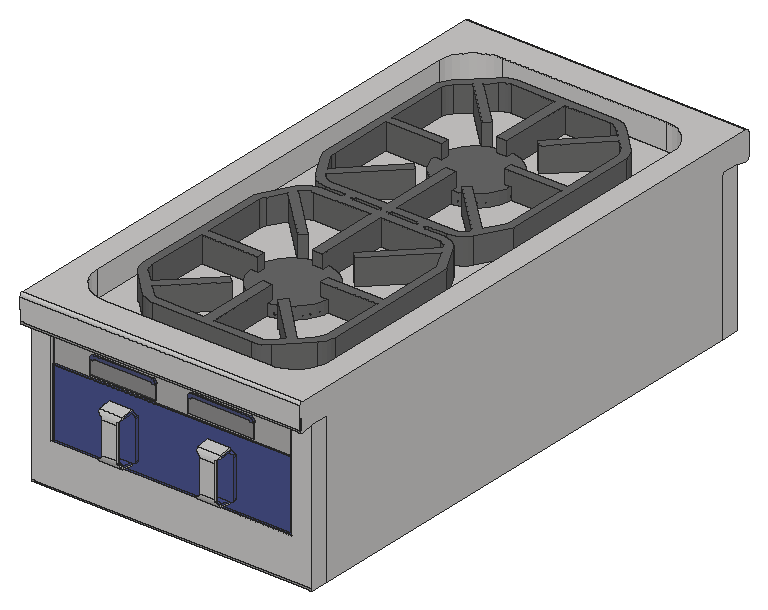
Revit family "QF_ELECTROLUXPROFESSIONAL_588036_MAGCAADOPO", category Specialty Equipment, Revit 2018
Family settings
  Round Connector Dimension = Use Diameter
  Part Type = Normal
  Work Plane-Based = No
  Always vertical = Yes
  Cut with Voids When Loaded = No
  Shared = No
  Room Calculation Point = No
Parameters
  Weight in Pounds = 81.571
  Watts = 0 W
  URL Cutsheet = ""
  Type Mark [instance] = ""
  Status [instance] = ""
  Specification by User [instance] = ""
  Specification by Manufacturer = ""
  Show Clearance [instance] = yes
  Serial Number = ""
  Seismic Rating = ""
  SMACNA No = ""
  Revision Code [instance] = ""
  Omniclass Number and Title = ""
  NAFEM Spec ID Number = ""
  Model = "588036"
  Mechanical Remarks [instance] = ""
  Mechanical Connection Type [instance] = ""
  Masterspec = ""
  Manufacturer = "ELECTROLUX"
  Item Number [instance] = ""
  Installed By [instance] = ""
  Identify Quantity as Lot [instance] = yes
  HP = "0 HP"
  Gas Size = 1/2"
  Gas RI Height [instance] = 0 mm
  Gas KW = 14
  Gas Input = 47726.0 Btu/h
  Gas Connection Height [instance] = 0 mm
  Furnished By [instance] = ""
  Foodservice Equipment Identifier [instance] = yes
  Direct Waste Size = 0"
  Description = "GAS TOP,2 BURNERS,1-SIDE,400X800X250H"
  CSI MasterFormat = ""
  CSI Master Format = ""
  Back Panel [instance] = yes
Reference planes
  plane 1 "BACK": y = 0
  plane 2: z = 0
  plane 3 "LEFT": x = 0
  plane 4 "RIGHT": x = 400
  plane 5 "FRONT": y = -800
  plane 6 "TOP": z = 250
  plane 7: x = 200
  plane 8: y = -400
  plane 9: z = 370
  plane 10: x = 365
  plane 11: y = -60.425
Forms (mm)
  Extrusion 1, solid, material "QF_Finishes_Stainless Steel"
    sketch origin (0, -487.128, 0) x (0, 1, 0) y (0, 0, 1)
      loop
        line (483.128, 250) -> (-308.872, 250)
        arc (-308.872, 250) -> (-311.7, 248.828) -> (-312.872, 246) r 4
        line (-312.872, 246) -> (-312.872, 214)
        arc (-312.872, 214) -> (-311.437, 210.931) -> (-308.161, 210.064) r 4
        line (-308.161, 210.064) -> (-292.872, 213) -> (-267.872, 213) -> (-267.872, 0) -> (441.714, 0) -> (441.714, 213) -> (465.765, 213) -> (482.433, 210.061)
        arc (482.433, 210.061) -> (485.699, 210.936) -> (487.128, 214) r 4
        line (487.128, 214) -> (487.128, 246)
        arc (487.128, 246) -> (485.956, 248.828) -> (483.128, 250) r 4
    from 0 to 400
  Extrusion 2, solid, material "QF_Finishes_Stainless Steel", visible <- "Back Panel"
    sketch origin (0, 0.586, 0) x (0, 1, 0) y (0, 0, 1)
      loop
        line (-46, 0) -> (-21, 0) -> (-21, 212.833) -> (-21.949, 213) -> (-46, 213) -> (-46, 0)
    from 0 to 400
  Extrusion 3, void
    sketch origin (653.786, 44.048, 250) x (1, 0, 0) y (0, -1, 0)
      loop
        line (-570.234, 89.462) -> (-335.321, 89.462)
        arc (-335.321, 89.462) -> (-300.694, 103.805) -> (-286.351, 138.432) r 48.97
        line (-286.351, 138.432) -> (-286.351, 750.078)
        arc (-286.351, 750.078) -> (-300.694, 784.705) -> (-335.321, 799.048) r 48.97
        line (-335.321, 799.048) -> (-570.234, 799.048)
        arc (-570.234, 799.048) -> (-605.59, 784.403) -> (-620.234, 749.048) r 50
        line (-620.234, 749.048) -> (-620.234, 139.462)
        arc (-620.234, 139.462) -> (-605.59, 104.107) -> (-570.234, 89.462) r 50
    from 0 to 37
  Extrusion 4, solid, material "QF_Finishes_Stainless Steel"
    sketch origin (10, -560, 0) x (1, 0, 0) y (0, -1, 0)
      loop
        circle (355, -70) r 6.35
    from 0 to 3.2
Cuts and joins
  Extrusion 3 cuts Extrusion 1
Lines and regions (mm)
  symbolic lines
    curve 1: line (0, 0, 0) -> (400, 0, 0)
    curve 2: line (0, -800, 0) -> (0, 0, 0)
    curve 3: line (400, -800, 0) -> (0, -800, 0)
    curve 4: line (400, 0, 0) -> (400, -800, 0)
    curve 5: arc (83.552, -755, 0) -> (48.197, -740.355, 0) -> (33.552, -705, 0) r 50
    curve 6: line (33.552, -705, 0) -> (33.552, -95.414, 0)
    curve 7: arc (33.552, -95.414, 0) -> (48.197, -60.059, 0) -> (83.552, -45.414, 0) r 50
    curve 8: line (83.552, -45.414, 0) -> (318.465, -45.414, 0)
    curve 9: arc (318.465, -45.414, 0) -> (353.092, -59.757, 0) -> (367.435, -94.384, 0) r 48.97
    curve 10: line (367.435, -94.384, 0) -> (367.435, -706.03, 0)
    curve 11: arc (367.435, -706.03, 0) -> (353.092, -740.657, 0) -> (318.465, -755, 0) r 48.97
    curve 12: line (318.465, -755, 0) -> (83.552, -755, 0)
Dimensions and locks
  plane 3 "LEFT" to plane 4 "RIGHT" = 400 mm
  plane 5 "FRONT" to plane 1 "BACK" = 800 mm
  equal spacing: plane 3 "LEFT", plane 7, plane 4 "RIGHT"
  equal spacing: plane 5 "FRONT", plane 8, plane 1 "BACK"
  plane 6 "TOP" to level = 250 mm  (x2)
  plane 1 "BACK" to plane 5 "FRONT" = 800 mm
  Extrusion 4 sketch curve to plane 1 "BACK" = 490 mm
  Extrusion 4 sketch curve to plane 4 "RIGHT" = 35 mm
  plane 1 "BACK" to Extrusion 4 = 490 mm
  locked: plane 10 to plane 4 "RIGHT" at 35
  aligned and locked: level to plane 2
  aligned and locked: Extrusion 1 to plane 4 "RIGHT"
Automatic sketch dimensions
  Extrusion 1 sketch curve to plane 5 "FRONT" = 0 mm
  Extrusion 1 sketch curve to plane 6 "TOP" = 0 mm
  Extrusion 1 sketch curve to level = 0 mm
  Extrusion 1 sketch curve to plane 1 "BACK" = 0 mm
  Extrusion 1 sketch curve to plane 6 "TOP" = 37 mm  (x2)
  Extrusion 1 sketch curve to plane 5 "FRONT" = 4 mm
  Extrusion 1 sketch curve to plane 5 "FRONT" = 20 mm
  Extrusion 1 sketch curve to plane 5 "FRONT" = 45 mm
  plane 1 "BACK" to Extrusion 1 sketch curve = 21.363 mm
  plane 1 "BACK" to Extrusion 1 sketch curve = 4 mm  (x2)
  Extrusion 1 sketch curve to Extrusion 1 sketch curve = 4 mm
  Extrusion 1 sketch curve to Extrusion 1 sketch curve = 0.711 mm
  plane 1 "BACK" to Extrusion 1 sketch curve = 4.695 mm
  Extrusion 1 sketch curve to Extrusion 1 sketch curve = 0 mm  (x2)
  Extrusion 1 sketch curve to Extrusion 1 sketch curve = 1 mm  (x2)
  plane 1 "BACK" to Extrusion 1 sketch curve = 45.414 mm
  plane 1 "BACK" to curve 1 = 0 mm
  curve 1 to plane 4 "RIGHT" = 0 mm
  curve 2 to plane 3 "LEFT" = 0 mm
  plane 5 "FRONT" to curve 2 = 0 mm
  Extrusion 3 sketch curve to Extrusion 3 sketch curve = 50 mm  (x2)
  Extrusion 1 to Extrusion 3 sketch curve = 81.535 mm  (x2)
  Extrusion 1 to Extrusion 3 sketch curve = 41 mm
  Extrusion 1 to Extrusion 3 sketch curve = 32.565 mm
  Extrusion 1 to Extrusion 3 sketch curve = 33.552 mm
  Extrusion 1 to Extrusion 3 sketch curve = 91.414 mm
  Extrusion 2 sketch curve to level = 0 mm
  plane 11 to Extrusion 2 sketch curve = 15.012 mm
  Extrusion 2 sketch curve to plane 6 "TOP" = 37.167 mm
  Extrusion 2 sketch curve to Extrusion 2 sketch curve = 0.949 mm
  plane 1 "BACK" to Extrusion 2 sketch curve = 20.414 mm
  Extrusion 2 sketch curve to plane 6 "TOP" = 37 mm
  curve 10 to plane 10 = 2.435 mm
  plane 11 to curve 8 = 15.012 mm
  plane 10 to curve 8 = 46.535 mm
  plane 3 "LEFT" to curve 8 = 83.552 mm
  plane 3 "LEFT" to curve 6 = 33.552 mm
  curve 6 to plane 5 "FRONT" = 95 mm
  plane 10 to curve 12 = 46.535 mm
  curve 10 to plane 5 "FRONT" = 93.97 mm
  radius of Extrusion 4 sketch curve = 6.35 mm
Nested families
  nested 1: "OBT_800_Open Burner" at (200, -400.207, -649.319), type "OBT_800_Open Burner"
  nested 2: "EG_800_500_Single Range Control Handle Front Panel 2a" at (202.376, -755, -650), type "EG_800_500_Single Range Control Handle Front Panel 2a"
Connectors
  piping at (365, -490, -3.2), diameter 12.8
    settings: on Extrusion 4, index 1, connector inside diameter 0.50394", connector length 0 mm, flow factor 0, pipe flow 0 GPM, pressure drop 0.00 psi, fitting loss kfactor 0, connector angle 0.00°, fixture units 0, engagement length 0 mm, angle of deflection 0.00°, flow configuration 1, flow direction 1, fitting loss method 0, system type 7, joint type 0, gender type 0, connector reference index -1, connector utility 0, adjustable connector no, is connector primary yes, connector description "GAS CONNECTION"
Definition of nested family "OBT_800_Open Burner"
  Reference planes
    plane 1 "Center (Front/Back)": y = 0
    plane 2: z = 0
    plane 3 "Center (Left/Right)": x = 0
    plane 4: x = -136.448
    plane 5: x = 137.435
    plane 6: y = 324.793
    plane 7: y = -324.793
  Forms (mm)
    Extrusion 1, solid
      sketch origin (2130.573, 56.896, -679.622) x (1, 0, 0) y (0, 1, 0)
        loop
          line (-2137.44, 256.49) -> (-2200.793, 256.49)
          arc (-2200.793, 256.49) -> (-2207.908, 255.075) -> (-2213.94, 251.044) r 18.593
          line (-2213.94, 251.044) -> (-2226.233, 238.751) -> (-2163.48, 175.998) -> (-2171.6, 167.877) -> (-2234.354, 230.631) -> (-2250.33, 214.654)
          arc (-2250.33, 214.654) -> (-2254.433, 208.337) -> (-2255.614, 200.897) r 18.125
          line (-2255.614, 200.897) -> (-2255.614, 113.422) -> (-2175.79, 113.422) -> (-2175.79, 101.938) -> (-2255.614, 101.938) -> (-2255.614, 10.897)
          arc (-2255.614, 10.897) -> (-2254.981, 6.085) -> (-2253.123, 1.601) r 18.593
          line (-2253.123, 1.601) -> (-2240.078, -20.994) -> (-2171.6, 47.483) -> (-2163.48, 39.363) -> (-2234.012, -31.169)
          arc (-2234.012, -31.169) -> (-2228.546, -38.527) -> (-2220.23, -42.379) r 18.593
          line (-2220.23, -42.379) -> (-2137.44, -42.379) -> (-2137.44, 62.464) -> (-2123.707, 62.464) -> (-2123.707, -42.379) -> (-2039.969, -42.379)
          arc (-2039.969, -42.379) -> (-2031.653, -38.527) -> (-2026.187, -31.169) r 18.593
          line (-2026.187, -31.169) -> (-2097.271, 39.915) -> (-2089.15, 48.035) -> (-2020.118, -20.997) -> (-2004.585, 5.916) -> (-2004.585, 101.938) -> (-2085.357, 101.938) -> (-2085.357, 113.422) -> (-2004.585, 113.422) -> (-2004.585, 197.888)
          arc (-2004.585, 197.888) -> (-2006.695, 208.496) -> (-2012.704, 217.489) r 27.72
          line (-2012.704, 217.489) -> (-2025.845, 230.631) -> (-2089.15, 167.325) -> (-2097.271, 175.446) -> (-2033.966, 238.751) -> (-2046.259, 251.044)
          arc (-2046.259, 251.044) -> (-2052.291, 255.075) -> (-2059.406, 256.49) r 18.593
          line (-2059.406, 256.49) -> (-2123.707, 256.49) -> (-2123.707, 152.897) -> (-2137.44, 152.897) -> (-2137.44, 256.49)
        loop
          arc (-2267.021, 10.897) -> (-2265.999, 3.132) -> (-2263.002, -4.103) r 30
          line (-2263.002, -4.103) -> (-2242.795, -39.103)
          arc (-2242.795, -39.103) -> (-2231.814, -50.084) -> (-2216.814, -54.103) r 30
          line (-2216.814, -54.103) -> (-2189.287, -54.103)
          arc (-2189.287, -54.103) -> (-2188.243, -56) -> (-2186.272, -56.896) r 3.438
          arc (-2186.272, -56.896) -> (-2188.243, -57.792) -> (-2189.287, -59.689) r 3.438
          line (-2189.287, -59.689) -> (-2216.814, -59.689)
          arc (-2216.814, -59.689) -> (-2231.814, -63.708) -> (-2242.795, -74.689) r 30
          line (-2242.795, -74.689) -> (-2263.002, -109.689)
          arc (-2263.002, -109.689) -> (-2265.999, -116.924) -> (-2267.021, -124.689) r 30
          line (-2267.021, -124.689) -> (-2267.021, -315.461)
          arc (-2267.021, -315.461) -> (-2264.738, -326.941) -> (-2258.234, -336.674) r 30
          line (-2258.234, -336.674) -> (-2221.975, -372.933)
          arc (-2221.975, -372.933) -> (-2212.253, -379.414) -> (-2200.793, -381.689) r 30
          line (-2200.793, -381.689) -> (-2059.406, -381.689)
          arc (-2059.406, -381.689) -> (-2047.942, -379.412) -> (-2038.218, -372.928) r 30
          line (-2038.218, -372.928) -> (-2001.964, -336.674)
          arc (-2001.964, -336.674) -> (-1995.461, -326.941) -> (-1993.138, -315.461) r 30
          line (-1993.138, -315.461) -> (-1993.138, -116.719) -> (-2017.404, -74.689)
          arc (-2017.404, -74.689) -> (-2028.385, -63.708) -> (-2043.385, -59.689) r 30
          line (-2043.385, -59.689) -> (-2070.476, -59.689)
          arc (-2070.476, -59.689) -> (-2072.136, -57.759) -> (-2074.531, -56.896) r 5
          arc (-2074.531, -56.896) -> (-2072.136, -56.033) -> (-2070.476, -54.103) r 5
          line (-2070.476, -54.103) -> (-2043.385, -54.103)
          arc (-2043.385, -54.103) -> (-2028.385, -50.084) -> (-2017.404, -39.103) r 30
          line (-2017.404, -39.103) -> (-1993.294, 2.656) -> (-1993.294, 204.314)
          arc (-1993.294, 204.314) -> (-1995.995, 214.361) -> (-2001.964, 222.882) r 30
          line (-2001.964, 222.882) -> (-2038.218, 259.136)
          arc (-2038.218, 259.136) -> (-2047.942, 265.62) -> (-2059.406, 267.897) r 30
          line (-2059.406, 267.897) -> (-2200.793, 267.897)
          arc (-2200.793, 267.897) -> (-2212.253, 265.622) -> (-2221.975, 259.141) r 30
          line (-2221.975, 259.141) -> (-2258.234, 222.882)
          arc (-2258.234, 222.882) -> (-2264.738, 213.149) -> (-2267.021, 201.669) r 30
          line (-2267.021, 201.669) -> (-2267.021, 10.897)
        loop
          arc (-2122.397, -54.103) -> (-2124.057, -56.033) -> (-2126.452, -56.896) r 5
          arc (-2126.452, -56.896) -> (-2124.057, -57.759) -> (-2122.397, -59.689) r 5
          line (-2122.397, -59.689) -> (-2085.985, -59.689)
          arc (-2085.985, -59.689) -> (-2084.941, -57.792) -> (-2082.97, -56.896) r 3.438
          arc (-2082.97, -56.896) -> (-2084.941, -56) -> (-2085.985, -54.103) r 3.438
          line (-2085.985, -54.103) -> (-2122.397, -54.103)
        loop
          arc (-2173.778, -54.103) -> (-2175.438, -56.033) -> (-2177.833, -56.896) r 5
          arc (-2177.833, -56.896) -> (-2175.438, -57.759) -> (-2173.778, -59.689) r 5
          line (-2173.778, -59.689) -> (-2137.906, -59.689)
          arc (-2137.906, -59.689) -> (-2136.862, -57.792) -> (-2134.891, -56.896) r 3.438
          arc (-2134.891, -56.896) -> (-2136.862, -56) -> (-2137.906, -54.103) r 3.438
          line (-2137.906, -54.103) -> (-2173.778, -54.103)
        loop
          line (-2137.44, -370.282) -> (-2137.44, -265.439) -> (-2123.707, -265.439) -> (-2123.707, -370.282) -> (-2059.406, -370.282)
          arc (-2059.406, -370.282) -> (-2052.291, -368.867) -> (-2046.259, -364.836) r 18.593
          line (-2046.259, -364.836) -> (-2033.341, -351.918) -> (-2097.271, -287.988) -> (-2089.15, -279.867) -> (-2025.22, -343.798) -> (-2012.704, -331.281)
          arc (-2012.704, -331.281) -> (-2006.695, -322.288) -> (-2004.585, -311.68) r 27.72
          line (-2004.585, -311.68) -> (-2004.585, -225.964) -> (-2085.357, -225.964) -> (-2085.357, -214.48) -> (-2004.585, -214.48) -> (-2004.585, -119.708) -> (-2020.576, -92.003) -> (-2089.15, -160.577) -> (-2097.271, -152.457) -> (-2026.57, -81.755)
          arc (-2026.57, -81.755) -> (-2032.024, -74.971) -> (-2039.969, -71.413) r 18.593
          line (-2039.969, -71.413) -> (-2123.707, -71.413) -> (-2123.707, -175.006) -> (-2137.44, -175.006) -> (-2137.44, -71.413) -> (-2220.23, -71.413)
          arc (-2220.23, -71.413) -> (-2228.175, -74.971) -> (-2233.629, -81.755) r 18.593
          line (-2233.629, -81.755) -> (-2163.48, -151.905) -> (-2171.6, -160.025) -> (-2239.62, -92.005) -> (-2253.123, -115.393)
          arc (-2253.123, -115.393) -> (-2254.981, -119.877) -> (-2255.614, -124.689) r 18.593
          line (-2255.614, -124.689) -> (-2255.614, -214.48) -> (-2175.79, -214.48) -> (-2175.79, -225.964) -> (-2255.614, -225.964) -> (-2255.614, -314.689)
          arc (-2255.614, -314.689) -> (-2254.433, -322.129) -> (-2250.33, -328.446) r 18.125
          line (-2250.33, -328.446) -> (-2234.979, -343.798) -> (-2171.6, -280.419) -> (-2163.48, -288.54) -> (-2226.858, -351.918) -> (-2213.94, -364.836)
          arc (-2213.94, -364.836) -> (-2207.908, -368.867) -> (-2200.793, -370.282) r 18.593
          line (-2200.793, -370.282) -> (-2137.44, -370.282)
      from 1542.072 to 1578.941
    Extrusion 2, solid
      sketch origin (2130.573, 86.122, 0) x (1, 0, 0) y (0, 1, 0)
        loop
          circle (-2130.573, -249.448) r 55
        loop
          circle (-2130.573, 78.455) r 55
      from 862.45 to 879.837
    Extrusion 3, void
      sketch origin (-124.371, -330.785, -22.784) x (-0.587785, -0.809017, 0) y (0, 0, 1)
        loop
          circle (-213.495, 891.283) r 1
      from -67.69 to -35.114
    Extrusion 4, void
      sketch origin (-89.903, -351.417, -22.784) x (-0.422618, -0.906308, 0) y (0, 0, 1)
        loop
          circle (-213.495, 891.283) r 1
      from -74.826 to -35.114
    Extrusion 5, void
      sketch origin (-52.131, -365.093, -22.784) x (-0.241922, -0.970296, 0) y (0, 0, 1)
        loop
          circle (-213.495, 891.283) r 1
      from -67.69 to -35.114
    Extrusion 6, void
      sketch origin (27.702, -369.842, -22.784) x (0.139173, -0.990268, 0) y (0, 0, 1)
        loop
          circle (-213.495, 891.283) r 1
      from -67.69 to -35.114
    Extrusion 7, void
      sketch origin (66.829, -360.74, -22.784) x (0.325568, -0.945519, 0) y (0, 0, 1)
        loop
          circle (-213.495, 891.283) r 1
      from -67.69 to -35.114
    Extrusion 8, void
      sketch origin (103.5, -344.339, -22.784) x (0.5, -0.866025, 0) y (0, 0, 1)
        loop
          circle (-213.495, 891.283) r 1
      from -67.69 to -35.114
    Extrusion 9, void
      sketch origin (136.368, -321.242, -22.784) x (0.656059, -0.75471, 0) y (0, 0, 1)
        loop
          circle (-213.495, 891.283) r 1
      from -67.69 to -35.114
    Extrusion 10, void
      sketch origin (164.225, -292.298, -22.784) x (0.788011, -0.615661, 0) y (0, 0, 1)
        loop
          circle (-213.495, 891.283) r 1
      from -67.69 to -35.114
    Extrusion 11, void
      sketch origin (186.048, -258.571, -22.784) x (0.891007, -0.45399, 0) y (0, 0, 1)
        loop
          circle (-213.495, 891.283) r 1
      from -67.69 to -35.114
    Extrusion 12, void
      sketch origin (201.034, -221.299, -22.784) x (0.961262, -0.275637, 0) y (0, 0, 1)
        loop
          circle (-213.495, 891.283) r 1
      from -67.69 to -35.114
    Extrusion 13, void
      sketch origin (208.566, -141.681, -22.784) x (0.994522, 0.104528, 0) y (0, 0, 1)
        loop
          circle (-213.495, 891.283) r 1
      from -67.69 to -35.114
    Extrusion 14, void
      sketch origin (200.835, -102.26, -22.784) x (0.956305, 0.292372, 0) y (0, 0, 1)
        loop
          circle (-213.495, 891.283) r 1
      from -67.69 to -35.114
    Extrusion 15, void
      sketch origin (185.724, -65.039, -22.784) x (0.882948, 0.469472, 0) y (0, 0, 1)
        loop
          circle (-213.495, 891.283) r 1
      from -67.69 to -35.114
    Extrusion 16, void
      sketch origin (163.788, -31.385, -22.784) x (0.777146, 0.62932, 0) y (0, 0, 1)
        loop
          circle (-213.495, 891.283) r 1
      from -67.69 to -35.114
    Extrusion 17, void
      sketch origin (135.834, -2.534, -22.784) x (0.642788, 0.766044, 0) y (0, 0, 1)
        loop
          circle (-213.495, 891.283) r 1
      from -67.69 to -35.114
    Extrusion 18, void
      sketch origin (102.889, 20.452, -22.784) x (0.48481, 0.87462, 0) y (0, 0, 1)
        loop
          circle (-213.495, 891.283) r 1
      from -67.69 to -35.114
    Extrusion 19, void
      sketch origin (66.163, 36.73, -22.784) x (0.309017, 0.951057, 0) y (0, 0, 1)
        loop
          circle (-213.495, 891.283) r 1
      from -67.69 to -35.114
    Extrusion 20, void
      sketch origin (-52.811, 40.685, -22.784) x (-0.258819, 0.965926, 0) y (0, 0, 1)
        loop
          circle (-213.495, 891.283) r 1
      from -67.69 to -35.114
    Extrusion 21, void
      sketch origin (-90.537, 26.882, -22.784) x (-0.438371, 0.898794, 0) y (0, 0, 1)
        loop
          circle (-213.495, 891.283) r 1
      from -67.69 to -35.114
    Extrusion 22, void
      sketch origin (-124.936, 6.135, -22.784) x (-0.601815, 0.798636, 0) y (0, 0, 1)
        loop
          circle (-213.495, 891.283) r 1
      from -67.69 to -35.114
    Extrusion 23, void
      sketch origin (-154.744, -20.796, -22.784) x (-0.743145, 0.669131, 0) y (0, 0, 1)
        loop
          circle (-213.495, 891.283) r 1
      from -67.69 to -35.114
    Extrusion 24, void
      sketch origin (-178.866, -52.919, -22.784) x (-0.857167, 0.515038, 0) y (0, 0, 1)
        loop
          circle (-213.495, 891.283) r 1
      from -67.69 to -35.114
    Extrusion 25, void
      sketch origin (-196.416, -89.054, -22.784) x (-0.939693, 0.34202, 0) y (0, 0, 1)
        loop
          circle (-213.495, 891.283) r 1
      from -67.69 to -35.114
    Extrusion 26, void
      sketch origin (-204.521, -207.817, -22.784) x (-0.97437, -0.224951, 0) y (0, 0, 1)
        loop
          circle (-213.495, 891.283) r 1
      from -67.69 to -35.114
    Extrusion 27, void
      sketch origin (-192.043, -246.002, -22.784) x (-0.913545, -0.406737, 0) y (0, 0, 1)
        loop
          circle (-213.495, 891.283) r 1
      from -67.69 to -35.114
    Extrusion 28, void
      sketch origin (-172.509, -281.104, -22.784) x (-0.819152, -0.573576, 0) y (0, 0, 1)
        loop
          circle (-213.495, 891.283) r 1
      from -67.69 to -35.114
    Extrusion 29, void
      sketch origin (-146.635, -311.834, -22.784) x (-0.694658, -0.71934, 0) y (0, 0, 1)
        loop
          circle (-213.495, 891.283) r 1
      from -67.69 to -35.114
    Extrusion 30, void
      sketch origin (-124.371, -2.882, -22.784) x (-0.587785, -0.809017, 0) y (0, 0, 1)
        loop
          circle (-213.495, 891.283) r 1
      from -67.69 to -35.114
    Extrusion 31, void
      sketch origin (-89.903, -23.515, -22.784) x (-0.422618, -0.906308, 0) y (0, 0, 1)
        loop
          circle (-213.495, 891.283) r 1
      from -74.826 to -35.114
    Extrusion 32, void
      sketch origin (-52.131, -37.191, -22.784) x (-0.241922, -0.970296, 0) y (0, 0, 1)
        loop
          circle (-213.495, 891.283) r 1
      from -67.69 to -35.114
    Extrusion 33, void
      sketch origin (27.702, -41.939, -22.784) x (0.139173, -0.990268, 0) y (0, 0, 1)
        loop
          circle (-213.495, 891.283) r 1
      from -67.69 to -35.114
    Extrusion 34, void
      sketch origin (66.829, -32.837, -22.784) x (0.325568, -0.945519, 0) y (0, 0, 1)
        loop
          circle (-213.495, 891.283) r 1
      from -67.69 to -35.114
    Extrusion 35, void
      sketch origin (103.5, -16.436, -22.784) x (0.5, -0.866025, 0) y (0, 0, 1)
        loop
          circle (-213.495, 891.283) r 1
      from -67.69 to -35.114
    Extrusion 36, void
      sketch origin (136.368, 6.66, -22.784) x (0.656059, -0.75471, 0) y (0, 0, 1)
        loop
          circle (-213.495, 891.283) r 1
      from -67.69 to -35.114
    Extrusion 37, void
      sketch origin (164.225, 35.604, -22.784) x (0.788011, -0.615661, 0) y (0, 0, 1)
        loop
          circle (-213.495, 891.283) r 1
      from -67.69 to -35.114
    Extrusion 38, void
      sketch origin (186.048, 69.332, -22.784) x (0.891007, -0.45399, 0) y (0, 0, 1)
        loop
          circle (-213.495, 891.283) r 1
      from -67.69 to -35.114
    Extrusion 39, void
      sketch origin (201.034, 106.603, -22.784) x (0.961262, -0.275637, 0) y (0, 0, 1)
        loop
          circle (-213.495, 891.283) r 1
      from -67.69 to -35.114
    Extrusion 40, void
      sketch origin (208.566, 186.222, -22.784) x (0.994522, 0.104528, 0) y (0, 0, 1)
        loop
          circle (-213.495, 891.283) r 1
      from -67.69 to -35.114
    Extrusion 41, void
      sketch origin (200.835, 225.642, -22.784) x (0.956305, 0.292372, 0) y (0, 0, 1)
        loop
          circle (-213.495, 891.283) r 1
      from -67.69 to -35.114
    Extrusion 42, void
      sketch origin (185.724, 262.864, -22.784) x (0.882948, 0.469472, 0) y (0, 0, 1)
        loop
          circle (-213.495, 891.283) r 1
      from -67.69 to -35.114
    Extrusion 43, void
      sketch origin (163.788, 296.518, -22.784) x (0.777146, 0.62932, 0) y (0, 0, 1)
        loop
          circle (-213.495, 891.283) r 1
      from -67.69 to -35.114
    Extrusion 44, void
      sketch origin (135.834, 325.368, -22.784) x (0.642788, 0.766044, 0) y (0, 0, 1)
        loop
          circle (-213.495, 891.283) r 1
      from -67.69 to -35.114
    Extrusion 45, void
      sketch origin (102.889, 348.355, -22.784) x (0.48481, 0.87462, 0) y (0, 0, 1)
        loop
          circle (-213.495, 891.283) r 1
      from -67.69 to -35.114
    Extrusion 46, void
      sketch origin (66.163, 364.633, -22.784) x (0.309017, 0.951057, 0) y (0, 0, 1)
        loop
          circle (-213.495, 891.283) r 1
      from -67.69 to -35.114
    Extrusion 47, void
      sketch origin (-52.811, 368.588, -22.784) x (-0.258819, 0.965926, 0) y (0, 0, 1)
        loop
          circle (-213.495, 891.283) r 1
      from -67.69 to -35.114
    Extrusion 48, void
      sketch origin (-90.537, 354.785, -22.784) x (-0.438371, 0.898794, 0) y (0, 0, 1)
        loop
          circle (-213.495, 891.283) r 1
      from -67.69 to -35.114
    Extrusion 49, void
      sketch origin (-124.936, 334.037, -22.784) x (-0.601815, 0.798636, 0) y (0, 0, 1)
        loop
          circle (-213.495, 891.283) r 1
      from -67.69 to -35.114
    Extrusion 50, void
      sketch origin (-154.744, 307.107, -22.784) x (-0.743145, 0.669131, 0) y (0, 0, 1)
        loop
          circle (-213.495, 891.283) r 1
      from -67.69 to -35.114
    Extrusion 51, void
      sketch origin (-178.866, 274.984, -22.784) x (-0.857167, 0.515038, 0) y (0, 0, 1)
        loop
          circle (-213.495, 891.283) r 1
      from -67.69 to -35.114
    Extrusion 52, void
      sketch origin (-196.416, 238.848, -22.784) x (-0.939693, 0.34202, 0) y (0, 0, 1)
        loop
          circle (-213.495, 891.283) r 1
      from -67.69 to -35.114
    Extrusion 53, void
      sketch origin (-204.521, 120.086, -22.784) x (-0.97437, -0.224951, 0) y (0, 0, 1)
        loop
          circle (-213.495, 891.283) r 1
      from -67.69 to -35.114
    Extrusion 54, void
      sketch origin (-192.043, 81.901, -22.784) x (-0.913545, -0.406737, 0) y (0, 0, 1)
        loop
          circle (-213.495, 891.283) r 1
      from -67.69 to -35.114
    Extrusion 55, void
      sketch origin (-172.509, 46.798, -22.784) x (-0.819152, -0.573576, 0) y (0, 0, 1)
        loop
          circle (-213.495, 891.283) r 1
      from -67.69 to -35.114
    Extrusion 56, void
      sketch origin (-146.635, 16.068, -22.784) x (-0.694658, -0.71934, 0) y (0, 0, 1)
        loop
          circle (-213.495, 891.283) r 1
      from -67.69 to -35.114
  Cuts and joins
    Extrusion 3, Extrusion 4, Extrusion 5, Extrusion 6, Extrusion 7, Extrusion 8, Extrusion 9, Extrusion 10, Extrusion 11, Extrusion 12, Extrusion 13, Extrusion 14, Extrusion 15, Extrusion 16, Extrusion 17, Extrusion 18, Extrusion 19, Extrusion 20, Extrusion 21, Extrusion 22, Extrusion 23, Extrusion 24, Extrusion 25, Extrusion 26, Extrusion 27, Extrusion 28, Extrusion 29, Extrusion 30, Extrusion 31, Extrusion 32, Extrusion 33, Extrusion 34, Extrusion 35, Extrusion 36, Extrusion 37, Extrusion 38, Extrusion 39, Extrusion 40, Extrusion 41, Extrusion 42, Extrusion 43, Extrusion 44, Extrusion 45, Extrusion 46, Extrusion 47, Extrusion 48, Extrusion 49, Extrusion 50, Extrusion 51, Extrusion 52, Extrusion 53, Extrusion 54, Extrusion 55, Extrusion 56 cuts Extrusion 2
    Extrusion 32 cuts Extrusion 1
  Lines and regions (mm)
    symbolic lines
      curve 1: line (-103.78, 287.527, 0) -> (-41.027, 224.773, 0)
      curve 2: line (-41.027, 224.773, 0) -> (-32.906, 232.894, 0)
      curve 3: line (-32.906, 232.894, 0) -> (-95.66, 295.647, 0)
      curve 4: line (-95.66, 295.647, 0) -> (-83.367, 307.94, 0)
      curve 5: arc (-83.367, 307.94, 0) -> (-77.335, 311.971, 0) -> (-70.219, 313.386, 0) r 18.593
      curve 6: line (-70.219, 313.386, 0) -> (-6.867, 313.386, 0)
      curve 7: line (-6.867, 313.386, 0) -> (-6.867, 209.793, 0)
      curve 8: line (-6.867, 209.793, 0) -> (6.867, 209.793, 0)
      curve 9: line (6.867, 209.793, 0) -> (6.867, 313.386, 0)
      curve 10: line (6.867, 313.386, 0) -> (71.168, 313.386, 0)
      curve 11: arc (71.168, 313.386, 0) -> (78.283, 311.971, 0) -> (84.315, 307.94, 0) r 18.593
      curve 12: line (84.315, 307.94, 0) -> (96.608, 295.647, 0)
      curve 13: line (96.608, 295.647, 0) -> (33.302, 232.342, 0)
      curve 14: line (33.302, 232.342, 0) -> (41.423, 224.221, 0)
      curve 15: line (41.423, 224.221, 0) -> (104.728, 287.527, 0)
      curve 16: line (104.728, 287.527, 0) -> (117.87, 274.385, 0)
      curve 17: arc (117.87, 274.385, 0) -> (123.879, 265.392, 0) -> (125.989, 254.784, 0) r 27.72
      curve 18: line (125.989, 254.784, 0) -> (125.989, 170.318, 0)
      curve 19: line (125.989, 170.318, 0) -> (45.217, 170.318, 0)
      curve 20: line (45.217, 170.318, 0) -> (45.217, 158.834, 0)
      curve 21: line (45.217, 158.834, 0) -> (125.989, 158.834, 0)
      curve 22: line (125.989, 158.834, 0) -> (125.989, 62.812, 0)
      curve 23: line (125.989, 62.812, 0) -> (110.455, 35.899, 0)
      curve 24: line (110.455, 35.899, 0) -> (41.423, 104.931, 0)
      curve 25: line (41.423, 104.931, 0) -> (33.302, 96.811, 0)
      curve 26: line (33.302, 96.811, 0) -> (104.386, 25.727, 0)
      curve 27: arc (104.386, 25.727, 0) -> (98.921, 18.369, 0) -> (90.604, 14.517, 0) r 18.593
      curve 28: line (90.604, 14.517, 0) -> (6.867, 14.517, 0)
      curve 29: line (6.867, 14.517, 0) -> (6.867, 119.36, 0)
      curve 30: line (6.867, 119.36, 0) -> (-6.867, 119.36, 0)
      curve 31: line (-6.867, 119.36, 0) -> (-6.867, 14.517, 0)
      curve 32: line (-6.867, 14.517, 0) -> (-89.656, 14.517, 0)
      curve 33: arc (-89.656, 14.517, 0) -> (-97.973, 18.369, 0) -> (-103.438, 25.727, 0) r 18.593
      curve 34: line (-103.438, 25.727, 0) -> (-32.906, 96.259, 0)
      curve 35: line (-32.906, 96.259, 0) -> (-41.027, 104.379, 0)
      curve 36: line (-41.027, 104.379, 0) -> (-109.504, 35.902, 0)
      curve 37: line (-109.504, 35.902, 0) -> (-122.55, 58.497, 0)
      curve 38: arc (-122.55, 58.497, 0) -> (-124.407, 62.981, 0) -> (-125.041, 67.793, 0) r 18.593
      curve 39: line (-125.041, 67.793, 0) -> (-125.041, 158.834, 0)
      curve 40: line (-125.041, 158.834, 0) -> (-45.217, 158.834, 0)
      curve 41: line (-45.217, 158.834, 0) -> (-45.217, 170.318, 0)
      curve 42: line (-45.217, 170.318, 0) -> (-125.041, 170.318, 0)
      curve 43: line (-125.041, 170.318, 0) -> (-125.041, 257.793, 0)
      curve 44: arc (-125.041, 257.793, 0) -> (-123.86, 265.233, 0) -> (-119.757, 271.55, 0) r 18.125
      curve 45: line (-119.757, 271.55, 0) -> (-103.78, 287.527, 0)
      curve 46: line (-32.906, -95.009, 0) -> (-103.056, -24.859, 0)
      curve 47: arc (-103.056, -24.859, 0) -> (-97.601, -18.075, 0) -> (-89.656, -14.517, 0) r 18.593
      curve 48: line (-89.656, -14.517, 0) -> (-6.867, -14.517, 0)
      curve 49: line (-6.867, -14.517, 0) -> (-6.867, -118.11, 0)
      curve 50: line (-6.867, -118.11, 0) -> (6.867, -118.11, 0)
      curve 51: line (6.867, -118.11, 0) -> (6.867, -14.517, 0)
      curve 52: line (6.867, -14.517, 0) -> (90.604, -14.517, 0)
      curve 53: arc (90.604, -14.517, 0) -> (98.549, -18.075, 0) -> (104.004, -24.859, 0) r 18.593
      curve 54: line (104.004, -24.859, 0) -> (33.302, -95.561, 0)
      curve 55: line (33.302, -95.561, 0) -> (41.423, -103.681, 0)
      curve 56: line (41.423, -103.681, 0) -> (109.998, -35.107, 0)
      curve 57: line (109.998, -35.107, 0) -> (125.989, -62.812, 0)
      curve 58: line (125.989, -62.812, 0) -> (125.989, -157.584, 0)
      curve 59: line (125.989, -157.584, 0) -> (45.217, -157.584, 0)
      curve 60: line (45.217, -157.584, 0) -> (45.217, -169.068, 0)
      curve 61: line (45.217, -169.068, 0) -> (125.989, -169.068, 0)
      curve 62: line (125.989, -169.068, 0) -> (125.989, -254.784, 0)
      curve 63: arc (125.989, -254.784, 0) -> (123.879, -265.392, 0) -> (117.87, -274.385, 0) r 27.72
      curve 64: line (117.87, -274.385, 0) -> (105.353, -286.902, 0)
      curve 65: line (105.353, -286.902, 0) -> (41.423, -222.971, 0)
      curve 66: line (41.423, -222.971, 0) -> (33.302, -231.092, 0)
      curve 67: line (33.302, -231.092, 0) -> (97.233, -295.022, 0)
      curve 68: line (97.233, -295.022, 0) -> (84.315, -307.94, 0)
      curve 69: arc (84.315, -307.94, 0) -> (78.283, -311.971, 0) -> (71.168, -313.386, 0) r 18.593
      curve 70: line (71.168, -313.386, 0) -> (6.867, -313.386, 0)
      curve 71: line (6.867, -313.386, 0) -> (6.867, -208.543, 0)
      curve 72: line (6.867, -208.543, 0) -> (-6.867, -208.543, 0)
      curve 73: line (-6.867, -208.543, 0) -> (-6.867, -313.386, 0)
      curve 74: line (-6.867, -313.386, 0) -> (-70.219, -313.386, 0)
      curve 75: arc (-70.219, -313.386, 0) -> (-77.335, -311.971, 0) -> (-83.367, -307.94, 0) r 18.593
      curve 76: line (-83.367, -307.94, 0) -> (-96.285, -295.022, 0)
      curve 77: line (-96.285, -295.022, 0) -> (-32.906, -231.644, 0)
      curve 78: line (-32.906, -231.644, 0) -> (-41.027, -223.523, 0)
      curve 79: line (-41.027, -223.523, 0) -> (-104.405, -286.902, 0)
      curve 80: line (-104.405, -286.902, 0) -> (-119.757, -271.55, 0)
      curve 81: arc (-119.757, -271.55, 0) -> (-123.86, -265.233, 0) -> (-125.041, -257.793, 0) r 18.125
      curve 82: line (-125.041, -257.793, 0) -> (-125.041, -169.068, 0)
      curve 83: line (-125.041, -169.068, 0) -> (-45.217, -169.068, 0)
      curve 84: line (-45.217, -169.068, 0) -> (-45.217, -157.584, 0)
      curve 85: line (-45.217, -157.584, 0) -> (-125.041, -157.584, 0)
      curve 86: line (-125.041, -157.584, 0) -> (-125.041, -67.793, 0)
      curve 87: arc (-125.041, -67.793, 0) -> (-124.407, -62.981, 0) -> (-122.55, -58.497, 0) r 18.593
      curve 88: line (-122.55, -58.497, 0) -> (-109.047, -35.109, 0)
      curve 89: line (-109.047, -35.109, 0) -> (-41.027, -103.129, 0)
      curve 90: line (-41.027, -103.129, 0) -> (-32.906, -95.009, 0)
      curve 91: line (-132.429, 52.793, 0) -> (-112.221, 17.793, 0)
      curve 92: arc (-112.221, 17.793, 0) -> (-101.241, 6.812, 0) -> (-86.241, 2.793, 0) r 30
      curve 93: line (-86.241, 2.793, 0) -> (-58.714, 2.793, 0)
      curve 94: arc (-58.714, 2.793, 0) -> (-57.669, 0.896, 0) -> (-55.698, 0, 0) r 3.438
      curve 95: arc (-55.698, 0, 0) -> (-57.669, -0.896, 0) -> (-58.714, -2.793, 0) r 3.438
      curve 96: line (-58.714, -2.793, 0) -> (-86.241, -2.793, 0)
      curve 97: arc (-86.241, -2.793, 0) -> (-101.241, -6.812, 0) -> (-112.221, -17.793, 0) r 30
      curve 98: line (-112.221, -17.793, 0) -> (-132.429, -52.793, 0)
      curve 99: arc (-132.429, -52.793, 0) -> (-135.426, -60.028, 0) -> (-136.448, -67.793, 0) r 30
      curve 100: line (-136.448, -67.793, 0) -> (-136.448, -258.565, 0)
      curve 101: arc (-136.448, -258.565, 0) -> (-134.164, -270.045, 0) -> (-127.661, -279.778, 0) r 30
      curve 102: line (-127.661, -279.778, 0) -> (-91.401, -316.037, 0)
      curve 103: arc (-91.401, -316.037, 0) -> (-81.68, -322.518, 0) -> (-70.219, -324.793, 0) r 30
      curve 104: line (-70.219, -324.793, 0) -> (71.168, -324.793, 0)
      curve 105: arc (71.168, -324.793, 0) -> (82.631, -322.516, 0) -> (92.355, -316.032, 0) r 30
      curve 106: line (92.355, -316.032, 0) -> (128.609, -279.778, 0)
      curve 107: arc (128.609, -279.778, 0) -> (135.112, -270.045, 0) -> (137.396, -258.565, 0) r 30
      curve 108: line (137.435, -258.565, 0) -> (137.435, -59.823, 0)
      curve 109: line (137.435, -59.823, 0) -> (113.169, -17.793, 0)
      curve 110: arc (113.169, -17.793, 0) -> (102.189, -6.812, 0) -> (87.189, -2.793, 0) r 30
      curve 111: line (87.189, -2.793, 0) -> (60.098, -2.793, 0)
      curve 112: arc (60.098, -2.793, 0) -> (58.438, -0.863, 0) -> (56.042, 0, 0) r 5
      curve 113: arc (56.042, 0, 0) -> (58.438, 0.863, 0) -> (60.098, 2.793, 0) r 5
      curve 114: line (60.098, 2.793, 0) -> (87.189, 2.793, 0)
      curve 115: arc (87.189, 2.793, 0) -> (102.189, 6.812, 0) -> (113.169, 17.793, 0) r 30
      curve 116: line (113.169, 17.793, 0) -> (137.279, 59.552, 0)
      curve 117: line (137.279, 59.552, 0) -> (137.279, 261.21, 0)
      curve 118: arc (137.279, 261.21, 0) -> (134.579, 271.257, 0) -> (128.609, 279.778, 0) r 30
      curve 119: line (128.609, 279.778, 0) -> (92.355, 316.032, 0)
      curve 120: arc (92.355, 316.032, 0) -> (82.631, 322.516, 0) -> (71.168, 324.793, 0) r 30
      curve 121: line (71.168, 324.793, 0) -> (-70.219, 324.793, 0)
      curve 122: arc (-70.219, 324.793, 0) -> (-81.68, 322.518, 0) -> (-91.401, 316.037, 0) r 30
      curve 123: line (-91.401, 316.037, 0) -> (-127.661, 279.778, 0)
      curve 124: arc (-127.661, 279.778, 0) -> (-134.164, 270.045, 0) -> (-136.448, 258.565, 0) r 30
      curve 125: line (-136.448, 258.565, 0) -> (-136.448, 67.793, 0)
      curve 126: arc (-136.448, 67.793, 0) -> (-135.426, 60.028, 0) -> (-132.429, 52.793, 0) r 30
      curve 127: line (-43.204, 2.793, 0) -> (-7.333, 2.793, 0)
      curve 128: arc (-7.333, 2.793, 0) -> (-6.288, 0.896, 0) -> (-4.317, 0, 0) r 3.438
      curve 129: arc (-4.317, 0, 0) -> (-6.288, -0.896, 0) -> (-7.333, -2.793, 0) r 3.438
      curve 130: line (-7.333, -2.793, 0) -> (-43.204, -2.793, 0)
      curve 131: arc (-43.204, -2.793, 0) -> (-44.864, -0.863, 0) -> (-47.26, 0, 0) r 5
      curve 132: arc (-47.26, 0, 0) -> (-44.864, 0.863, 0) -> (-43.204, 2.793, 0) r 5
      curve 133: line (8.177, 2.793, 0) -> (44.588, 2.793, 0)
      curve 134: arc (44.588, 2.793, 0) -> (45.633, 0.896, 0) -> (47.604, 0, 0) r 3.438
      curve 135: arc (47.604, 0, 0) -> (45.633, -0.896, 0) -> (44.588, -2.793, 0) r 3.438
      curve 136: line (44.588, -2.793, 0) -> (8.177, -2.793, 0)
      curve 137: arc (8.177, -2.793, 0) -> (6.517, -0.863, 0) -> (4.121, 0, 0) r 5
      curve 138: arc (4.121, 0, 0) -> (6.517, 0.863, 0) -> (8.177, 2.793, 0) r 5
      curve 139: arc (-6.867, 219.146, 0) -> (-39.289, 203.065, 0) -> (-54.699, 170.318, 0) r 55
      curve 140: arc (54.699, 170.318, 0) -> (39.289, 203.065, 0) -> (6.867, 219.146, 0) r 55
      curve 141: arc (6.867, 110.007, 0) -> (39.289, 126.088, 0) -> (54.699, 158.834, 0) r 55
      curve 142: arc (-54.699, 158.834, 0) -> (-39.289, 126.088, 0) -> (-6.867, 110.007, 0) r 55
      curve 143: arc (-6.867, -108.757, 0) -> (-39.289, -124.838, 0) -> (-54.699, -157.584, 0) r 55
      curve 144: arc (-54.699, -169.068, 0) -> (-39.289, -201.815, 0) -> (-6.867, -217.896, 0) r 55
      curve 145: arc (54.699, -157.584, 0) -> (39.289, -124.838, 0) -> (6.867, -108.757, 0) r 55
      curve 146: arc (6.867, -217.896, 0) -> (39.289, -201.815, 0) -> (54.699, -169.068, 0) r 55
  Dimensions and locks
    plane 5 to plane 4 = 273.883 mm
    equal spacing: Extrusion 1 sketch curve, plane 3 "Center (Left/Right)", Extrusion 1 sketch curve
Definition of nested family "EG_800_500_Single Range Control Handle Front Panel 2a"
  Reference planes
    plane 1 "Center (Front/Back)": y = 0
    plane 2: z = 0
    plane 3 "Center (Left/Right)": x = -2.376
    plane 4: x = -202.376
    plane 5: x = 197.624
    plane 6: y = -45
  Forms (mm)
    Extrusion 1, solid
      sketch origin (833.217, 829.203, -1.25) x (0, 1, 0) y (0, 0, 1)
        loop
          arc (-854.203, 654.25) -> (-853.324, 652.129) -> (-851.203, 651.25) r 3
          line (-851.203, 651.25) -> (-829.203, 651.25) -> (-829.203, 864.25) -> (-854.203, 864.25) -> (-854.203, 654.25)
      from -1035.593 to -635.593
    Extrusion 2, void
      sketch origin (33.217, 829.203, -1.25) x (1, 0, 0) y (0, 0, 1)
        loop
          line (-207.593, 855.116) -> (-207.593, 713.116) -> (136.407, 713.116) -> (136.407, 855.116) -> (-207.593, 855.116)
      from 848.59 to 854.203
  Cuts and joins
    Extrusion 2 cuts Extrusion 1
  Dimensions and locks
    equal spacing: plane 5, plane 3 "Center (Left/Right)", plane 4
    plane 5 to plane 4 = 400 mm
    aligned and locked: cut or joined group of Extrusion 1, Extrusion 2 to plane 4
    aligned and locked: plane 5 to cut or joined group of Extrusion 1, Extrusion 2
    aligned and locked: plane 3 "Center (Left/Right)" to nested 1
    aligned and locked: cut or joined group of Extrusion 1, Extrusion 2 to nested 1
  Automatic sketch dimensions
    Extrusion 1 sketch curve to plane 1 "Center (Front/Back)" = 0 mm
    plane 1 "Center (Front/Back)" to Extrusion 1 sketch curve = 22 mm
    Extrusion 1 sketch curve to Extrusion 1 sketch curve = 3 mm
    level to Extrusion 1 sketch curve = 650 mm
    Extrusion 1 sketch curve to Extrusion 1 sketch curve = 210 mm
    plane 4 to Extrusion 2 sketch curve = 28 mm
    Extrusion 2 sketch curve to plane 5 = 28 mm
    level to Extrusion 2 sketch curve = 711.866 mm
    Extrusion 2 sketch curve to Extrusion 2 sketch curve = 142 mm
  Nested families
    nested 1: "glass conrol panel" at (-2.376, 280.644, 2.752), type "glass conrol panel"
    nested 2: "Range Control Handle" at (67.398, -28.137, -209.113), type "Range Control Handle"
    nested 3: "Range Control Handle" at (-72.149, -28.137, -209.113) x (-1, 0, 0) z (0, 0, 1), type "Range Control Handle"
  Definition of nested family "glass conrol panel"
    Reference planes
      plane 1 "Center (Front/Back)": y = 0
      plane 2: z = 0
      plane 3 "Center (Left/Right)": x = 0
    Forms (mm)
      Extrusion 1, solid
        sketch origin (378.286, 0, 0.617) x (1, 0, 0) y (0, 0, 1)
          loop
            line (-550.286, 806.791) -> (-550.286, 708.497) -> (-206.286, 708.497) -> (-206.286, 806.791) -> (-550.286, 806.791)
        from 300.031 to 304.8
      Extrusion 2, solid
        sketch origin (378.286, 0, 0.617) x (1, 0, 0) y (0, 0, 1)
          loop
            line (-550.286, 850.497) -> (-550.286, 806.791) -> (-206.286, 806.791) -> (-206.286, 850.497) -> (-550.286, 850.497)
        from 300.031 to 304.8
      Extrusion 3, void
        sketch origin (378.286, 0, 0.617) x (1, 0, 0) y (0, 0, 1)
          loop
            line (-547.628, 847.565) -> (-547.628, 710.699) -> (-209.196, 710.699) -> (-209.196, 847.565) -> (-547.628, 847.565)
        from 303.697 to 304.8
      Extrusion 4, solid
        sketch origin (238.309, 1.101, -0.633) x (1, 0, 0) y (0, 0, 1)
          loop
            line (-261.431, 812.62) -> (-261.431, 834.177) -> (-266.24, 834.177) -> (-268.039, 835.977) -> (-348.469, 835.977) -> (-350.269, 834.177) -> (-355.186, 834.177) -> (-355.186, 812.62) -> (-261.431, 812.62)
        from 304.798 to 306.745
      Extrusion 5, solid
        sketch origin (238.309, 1.101, -0.633) x (1, 0, 0) y (0, 0, 1)
          loop
            line (-350.269, 834.177) -> (-348.469, 835.977) -> (-268.039, 835.977) -> (-266.24, 834.177) -> (-261.529, 834.177)
            arc (-261.529, 834.177) -> (-262.706, 838.752) -> (-266.98, 840.763) r 5.549
            line (-266.98, 840.763) -> (-349.686, 840.763)
            arc (-349.686, 840.763) -> (-353.942, 838.747) -> (-355.078, 834.177) r 5.5
            line (-355.078, 834.177) -> (-350.269, 834.177)
        from 304.798 to 306.745
      Extrusion 6, solid
        sketch origin (-238.309, 1.101, -0.633) x (-1, 0, 0) y (0, 0, -1)
          loop
            line (-261.431, -812.62) -> (-355.186, -812.62) -> (-355.186, -834.177) -> (-350.269, -834.177) -> (-348.469, -835.977) -> (-268.039, -835.977) -> (-266.24, -834.177) -> (-261.431, -834.177) -> (-261.431, -812.62)
        from 304.798 to 306.745
      Extrusion 7, solid
        sketch origin (-238.309, 1.101, -0.633) x (-1, 0, 0) y (0, 0, -1)
          loop
            line (-350.269, -834.177) -> (-355.078, -834.177)
            arc (-355.078, -834.177) -> (-353.942, -838.747) -> (-349.686, -840.763) r 5.5
            line (-349.686, -840.763) -> (-266.98, -840.763)
            arc (-266.98, -840.763) -> (-262.706, -838.752) -> (-261.529, -834.177) r 5.549
            line (-261.529, -834.177) -> (-266.24, -834.177) -> (-268.039, -835.977) -> (-348.469, -835.977) -> (-350.269, -834.177)
        from 304.798 to 306.745
    Cuts and joins
      Extrusion 3 cuts Extrusion 1
      Extrusion 3 cuts Extrusion 2
    Dimensions and locks
      aligned and locked: Extrusion 1 to Extrusion 2
      aligned and locked: Extrusion 5 sketch curve to Extrusion 4  (x4)
      aligned and locked: Extrusion 4 to Extrusion 5 sketch curve
      aligned and locked: Extrusion 5 to Extrusion 4
      aligned and locked: Extrusion 7 sketch curve to Extrusion 6  (x5)
      aligned and locked: Extrusion 7 to Extrusion 6
  Definition of nested family "Range Control Handle"
    Reference planes
      plane 1 "Center (Front/Back)": y = 0
      plane 2: z = 0
      plane 3 "Center (Left/Right)": x = 0
      plane 4: z = 971.092
      plane 5: y = -16.9
    Forms (mm)
      Extrusion 1, solid
        sketch origin (-746.28, 380.497, 208.931) x (-1, 0, 0) y (0, 0, 1)
          loop
            line (-770.101, 786.798) -> (-770.101, 731.649)
            arc (-770.101, 731.649) -> (-769.759, 730.563) -> (-768.855, 729.87) r 1.893
            line (-768.855, 729.87) -> (-763.474, 727.911) -> (-729.81, 727.911) -> (-724.428, 729.87)
            arc (-724.428, 729.87) -> (-723.525, 730.563) -> (-723.183, 731.649) r 1.893
            line (-723.183, 731.649) -> (-723.183, 786.798)
            arc (-723.183, 786.798) -> (-723.529, 787.894) -> (-724.44, 788.593) r 1.91
            line (-724.44, 788.593) -> (-729.683, 790.819) -> (-763.601, 790.819) -> (-768.844, 788.593)
            arc (-768.844, 788.593) -> (-769.755, 787.894) -> (-770.101, 786.798) r 1.91
        from -382.35 to -378.852
      Sweep 2, solid
        path origin (-746.788, 380.496, 208.091) x (0, -1, 0) y (0, 0, 1)
          loop
            line (379.775, 793.281) -> (395.661, 791.048)
            arc (395.661, 791.048) -> (397.781, 787.377) -> (398.517, 783.202) r 12.207
            line (398.517, 783.202) -> (398.517, 737.368)
            arc (398.517, 737.368) -> (397.781, 733.193) -> (395.661, 729.522) r 12.207
            line (395.661, 729.522) -> (379.775, 727.289)
        profile origin (-746.788, -7.222, 1000.256) x (0, -0.139173, 0.990268) y (-1, 0, 0)
          loop
            line (0.782, -763.123) -> (0.782, -730.907) -> (-1.322, -730.907) -> (-1.322, -763.123) -> (0.782, -763.123)
      Sweep 3, solid
        path origin (-746.788, 380.715, 207.832) x (0, -1, 0) y (0, 0, 1)
          loop
            line (380.478, 795.442) -> (397.218, 793.09)
            arc (397.218, 793.09) -> (399.929, 788.473) -> (400.871, 783.202) r 15.207
            line (400.871, 783.202) -> (400.871, 737.584)
            arc (400.871, 737.584) -> (399.914, 732.274) -> (397.164, 727.633) r 15.207
            line (397.164, 727.633) -> (380.601, 725.305)
        profile origin (-746.788, -8.132, 1002.099) x (0, -0.139173, 0.990268) y (-1, 0, 0)
          loop
            line (0.782, -763.123) -> (0.782, -730.907) -> (-1.322, -730.907) -> (-1.322, -763.123) -> (0.782, -763.123)
      Extrusion 4, void
        sketch origin (889.253, 220.666, 207.993) x (1, 0, 0) y (0, 0, 1)
          loop
            line (-943.038, 816.854) -> (-943.038, 703.686) -> (-899.466, 734.196) -> (-899.466, 786.344) -> (-943.038, 816.854)
        from 230.636 to 242.25
      Extrusion 5, void
        sketch origin (-888.8, 220.666, 207.993) x (-1, 0, 0) y (0, 0, -1)
          loop
            line (-943.038, -816.854) -> (-899.466, -786.344) -> (-899.466, -734.196) -> (-943.038, -703.686) -> (-943.038, -816.854)
        from 230.636 to 242.25
      Extrusion 6, solid
        sketch origin (0, 0, 0) x (1, 0, 0) y (0, 0, 1)
          loop
            circle (0, 971.092) r 7.736
        from -3.137 to -1.645
    Cuts and joins
      Extrusion 4, Extrusion 5 cuts Sweep 3
      Extrusion 4, Extrusion 5 cuts Sweep 2
      joined: Extrusion 1, Extrusion 6
    Lines and regions (mm)
      symbolic lines
        curve 1: line (16.334, -16.9, 0) -> (16.334, -19.227, 0)
        curve 2: spline (16.334, -19.227, 0) -> (15.87, -19.385, 0) -> (15.404, -19.536, 0) -> (14.936, -19.678, 0) -> (14.466, -19.813, 0) -> (13.995, -19.94, 0) -> (13.523, -20.059, 0) -> (13.049, -20.171, 0) -> (12.575, -20.274, 0) -> (12.099, -20.37, 0) -> (11.622, -20.458, 0) -> (11.144, -20.537, 0) -> (10.666, -20.609, 0)
        curve 3: line (10.666, -16.9, 0) -> (10.666, -20.938, 0)
        curve 4: line (-10.213, -20.938, 0) -> (10.666, -20.938, 0)
        curve 5: line (-10.213, -20.938, 0) -> (-10.213, -16.9, 0)
        curve 6: spline (-10.213, -20.609, 0) -> (-10.691, -20.537, 0) -> (-11.169, -20.458, 0) -> (-11.646, -20.37, 0) -> (-12.122, -20.274, 0) -> (-12.597, -20.171, 0) -> (-13.07, -20.059, 0) -> (-13.542, -19.94, 0) -> (-14.013, -19.813, 0) -> (-14.483, -19.678, 0) -> (-14.951, -19.536, 0) -> (-15.417, -19.385, 0) -> (-15.881, -19.227, 0)
        curve 7: line (-15.881, -19.227, 0) -> (-15.881, -16.9, 0)
